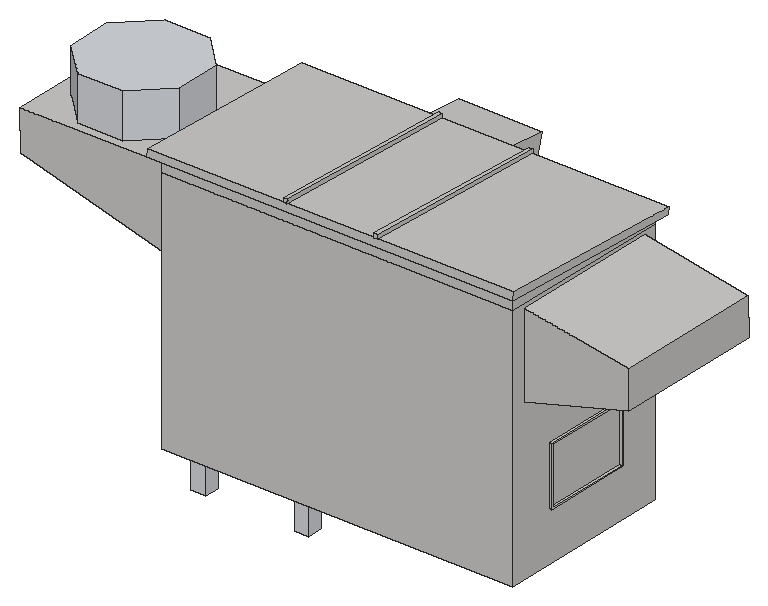
Revit family "DN2_2.0_RT_EC_1FP", category Mechanical Equipment, Revit 2019
Family settings
  Round Connector Dimension = Use Diameter
  Part Type = Normal
  OmniClass Number = 23.75.00.00
  OmniClass Title = Climate Control (HVAC)
  Work Plane-Based = No
  Always vertical = Yes
  Cut with Voids When Loaded = No
  Shared = No
  Room Calculation Point = No
Parameters (values of type "2 @ 3HP ea. 575V")
  Voltage [instance] = "575V"
  Unit Weight Range (lbs) [instance] = "2450-3150 lbs."
  Refrigerant = "R410A"
  Number of Condenser Fans = "Qty. 1, EC motor, Direct drive"
  Nominal Capacity Range = "2T - 10T"
  Max. Shipping Weight (lbs) [instance] = "2450-3150 lbs."
  Unit Dimensions (L x W x H) [instance] = "164 7/8\" x 73 1/8\" x 76 3/4\""
  Shipping Dimensions (Lx W x H) [instance] = "164 7/8\" x 73 1/8\" x 76 3/4\""
  Unit [instance] = Renewaire - Galvanized Steel
  URL = "www.renewaire.com"
  Typical Airflow Range = "375-1,650 CFM"
  Standard Features [instance] = "EC Motors for both airstreams, Direct drive backward inclined plenum, Higher ESP of up to 2\" w.g. at 1,500 CFM, Integrated programmable controls, True 100% face and bypass enthalpy based modulating economizer, Class 1 low leakage motorized isolation dampers, Stainless steel double-sloped drain pan with cooling option, 1\" Double wall foam injected 20 gauge galvanized panel construction with R6.5 insulation"
  Service Area Visibility [instance] = yes
  Service Area Box [instance] = Renewaire - Interference
  Revit Object Download Link [instance] = ""
  Phase [instance] = "Three"
  Options [instance] = "DX, heat pump, or chilled water cooling coil, Modulating hot gas reheat, Steam or hot water coil, Onboard variable frequency drives (VFDs) - both airstreams, Fused disconnect, Spring isolators (VFDs only), 2\" Double wall foam injected 20 gauge galvanized panel construction with R13 insulation, Exterior paint - grey, white, custom color, Salt spray - 2500 hours, BACNET factory activation, GFCI convenience outlet, Recirculation damper, Drain overflow switch, Mist Eliminator, Electrofin coating for coils"
  Number Motors [instance] = "Qty. 2, Direct drive motorized impeller packages"
  Model = "DN-2RT-1FP-EC"
  Manufacturer = "Renewaire LLC"
  Inlets/Outlets [instance] = "OA & RA Inlets: 24\" x 16\", SA Outlet: 24\" x 16\", EA Outlet: 20\" x 16\""
  Frequency [instance] = "50/60 Hz"
  Filters [instance] = "Total qty. 4, MERV 8: 16\" x 20\" x 2\""
  Features (default) = "BLDC Variable Speed Compressor, Integrated Refrigeration Controller, Electronic Expansion Valve, Filter Drier, Sight Glass"
  Energy Recovery Type [instance] = "Static plate total energy transfer"
  Description = "Energy Recovery Ventilator"
  Available Options = "Fixed Speed Compressor, Suction Accumlator w/HGRH, Modulating 3-way Valve w/HGRH"
  Accessories [instance] = "Filters - MERV 13, 2\"  and 4\" (shipped loose), MERV 14, 2\" and 4\" (shipped loose), Additional filters available upon request, Roof curb - standard 14\", Hurricane or seismic rated curbs, Curb clip kit, Carbon dioxide sensor/control - wall mount (CO2-W), duct mount (CO2-D), IAQ sensor - wall mount (IAQ-W), duct mount (IAQ-D), Motion occupancy sensor/control - ceiling mount (MC-C), wall mount (MC-W), Smoke detector, Room temperature and humidity sensor, Duct static pressure sensor with display to 10\", without display 0-2\", Room pressure sensor with display to 1\", without display 0-1\", Waterless trap negative pressure, waterless trap positive pressure, Remote display"
  AHRI 1060 Certified Core [instance] = "One L-62-G5 and one L-125-G5"
Types (7): name | Voltage | Phase
  (no name) | "575V" | "Three"
  2 @ 1.35 kW ea. | "200-277 V" | "Single"
  2 @ 2.70 kW ea. | "200-240 V" | "Three"
  2 @ 3.70 kW ea. | "380-480 V" | "Three"
  2 @ 3HP ea. 208-230V | "208-230 V" | "Three"
  2 @ 3HP ea. 460V | "460V" | "Three"
  2 @ 3HP ea. 575V | "575V" | "Three"
Reference planes (in)
  plane 1 "Center (Front/Back)": y = 0
  plane 2: z = 0
  plane 3 "Center (Left/Right)": x = 0
  plane 4: y = -24
  plane 5: x = -35.375
Forms (in)
  Extrusion 1, solid, material "Renewaire - Galvanized Steel" <- "Unit"
    sketch origin (0, 0, 0) x (1, 0, 0) y (0, 1, 0)
      loop
        line (-35.375, 23.99995) -> (-35.375, -24) -> (60, -24) -> (60, 23.99995) -> (-35.375, 23.99995)
    from 0 to 66.875
  Extrusion 2, void
    sketch origin (-0.65477, 0, 0) x (1, 0, 0) y (0, 1, 0)
      loop
        line (-33.22023, 21.99995) -> (-33.22023, -22) -> (57.89381, -22) -> (57.89381, 21.99995) -> (-33.22023, 21.99995)
    from 0 to 8
  Extrusion 3, void
    sketch origin (0, 0, 0) x (1, 0, 0) y (0, 1, 0)
      loop
        line (-29.3125, 19.93852) -> (-29.3125, -4.06148) -> (-13.31249, -4.06148) -> (-13.31249, 19.93852) -> (-29.3125, 19.93852)
      loop
        line (37.89381, 11.99993) -> (37.89381, -12.00007) -> (53.89381, -12.00007) -> (53.89381, 11.99993) -> (37.89381, 11.99993)
    from 7 to 8.125
  Extrusion 4, solid, material "Renewaire - Galvanized Steel" <- "Unit"
    sketch origin (0, 0, 2) x (0, 1, 0) y (0, 0, 1)
      loop
        line (18.60019, 30.89209) -> (-5.39982, 30.89209) -> (-5.39982, 14.89209) -> (18.60019, 14.89209) -> (18.60019, 30.89209)
      loop
        line (18.35019, 30.64209) -> (-5.14982, 30.64209) -> (-5.14982, 15.14209) -> (18.35019, 15.14209) -> (18.35019, 30.64209)
    from -35.375 to -36.875
  Extrusion 5, solid, material "Renewaire - Galvanized Steel" <- "Unit"
    sketch origin (0, 0, 2) x (0, 1, 0) y (0, 0, 1)
      loop
        line (-12.00006, 27.784) -> (-12.00006, 11.78399) -> (11.99994, 11.78399) -> (11.99994, 27.784) -> (-12.00006, 27.784)
      loop
        line (-11.75006, 27.534) -> (-11.75006, 12.03399) -> (11.74994, 12.03399) -> (11.74994, 27.534) -> (-11.75006, 27.534)
    from 60 to 61
  Extrusion 6, void
    sketch origin (0, -2.28422, 0) x (1, 0, 0) y (0, 1, 0)
      loop
        line (-76.54457, 73.34656) -> (-76.54457, -64) -> (88.33043, -64) -> (88.33043, 73.34656) -> (-76.54457, 73.34656)
    from 70.98996 to 0
  Extrusion 7, solid, material "Renewaire - Galvanized Steel" <- "Unit"
    sketch origin (0, 0, 0) x (0, 1, 0) y (0, 0, 1)
      loop
        line (23.99995, 65.37584) -> (23.99995, 47.19321) -> (33.39638, 47.19321) -> (43.03161, 56.49784) -> (44.92004, 63.54557) -> (23.99995, 65.37584)
    from 12.5814 to -9.96261
  Extrusion 8, solid, material "Renewaire - Galvanized Steel" <- "Unit"
    sketch origin (0, 0, 0) x (1, 0, 0) y (0, 0, 1)
      loop
        line (60, 66.14512) -> (60, 43.33282) -> (88.33043, 51.0176) -> (88.33043, 61.14971) -> (60, 66.14512)
    from 20.33014 to -20.26562
  Extrusion 9, solid, material "Renewaire - Galvanized Steel" <- "Unit"
    sketch origin (0, 0, 0) x (0, 1, 0) y (0, 0, 1)
      loop
        line (23.99995, 69.02245) -> (-24, 71.17151) -> (-24, 66.875) -> (23.99995, 66.875) -> (23.99995, 69.02245)
    from 60 to -35.375
  Extrusion 10, solid, material "Renewaire - Galvanized Steel" <- "Unit"
    sketch origin (0, 0, 0) x (0, 1, 0) y (0, 0, 1)
      loop
        line (26.25341, 70.90076) -> (-26.19982, 73.11627) -> (-26.28422, 71.11805) -> (26.16901, 68.90254) -> (26.25341, 70.90076)
    from 61.85788 to -37.375
  Extrusion 11, solid, material "Renewaire - Galvanized Steel" <- "Unit"
    sketch origin (0, 0, 0) x (0, 1, 0) y (0, 0, 1)
      loop
        line (26.25341, 70.90076) -> (26.29557, 71.89898) -> (-26.15766, 74.11449) -> (-26.19982, 73.11627) -> (26.25341, 70.90076)
    from 0.5 to -0.5
  Extrusion 12, solid, material "Renewaire - Galvanized Steel" <- "Unit"
    sketch origin (0, 0, 0) x (0, 1, 0) y (0, 0, 1)
      loop
        line (26.25341, 70.90076) -> (26.29557, 71.89898) -> (-26.15766, 74.11449) -> (-26.19982, 73.11627) -> (26.25341, 70.90076)
    from 24 to 25
  Extrusion 13, solid, material "Renewaire - Galvanized Steel" <- "Unit"
    sketch origin (27.47576, 0, 0.59067) x (-1, 0, 0) y (0, 0, -1)
      loop
        line (62.85076, -66.11208) -> (104.02033, -66.11208) -> (104.02033, -55.27357) -> (62.85076, -44.1061) -> (62.85076, -66.11208)
    from 20.33014 to -20.26562
  Extrusion 14, solid
    sketch origin (96.01743, -60.68372, 95.75486) x (0.999048, 0.043619, 0) y (-0.043619, 0.999048, 0)
      loop
        line (-143.41504, 78.57827) -> (-155.64926, 79.11243) -> (-164.67786, 70.83924) -> (-165.21202, 58.60502) -> (-156.93883, 49.57642) -> (-144.70461, 49.04226) -> (-135.67601, 57.31545) -> (-135.14185, 69.54967) -> (-143.41504, 78.57827)
    from -16.98996 to -29.05211
  Extrusion 15, void
    sketch origin (-129.70246, 0.38782, 78.7649) x (1, 0, 0) y (0, 1, 0)
      loop
        line (53.15789, 19.87781) -> (53.15789, -20.98358) -> (94.27682, -20.98358) -> (94.27682, 19.87781) -> (53.15789, 19.87781)
    from 48 to 0
  Extrusion 16, solid
    sketch origin (0, 0, 0) x (1, 0, 0) y (0, 1, 0)
      loop
        line (-28.875, -22) -> (-24.875, -22) -> (-24.875, -18) -> (-28.875, -18) -> (-28.875, -22)
      loop
        line (-0.875, -22) -> (3.125, -22) -> (3.125, -18) -> (-0.875, -18) -> (-0.875, -22)
    from 0 to -8.68825
  Extrusion 17, solid
    sketch origin (11.52912, 1.68227, 68.69678) x (1, 0, 0) y (0, 1, 0)
      loop
        line (-48.37017, -17.68227) -> (-48.37017, -21.18227) -> (-46.87017, -21.18227) -> (-46.87017, -17.68227) -> (-48.37017, -17.68227)
    from -24 to -29
Cuts and joins
  Extrusion 2, Extrusion 3, Extrusion 15 cuts Extrusion 1
  Extrusion 15 cuts Extrusion 4
  Extrusion 15 cuts Extrusion 5
  Extrusion 15 cuts Extrusion 7
  Extrusion 15 cuts Extrusion 8
  Extrusion 15 cuts Extrusion 9
  Extrusion 15 cuts Extrusion 10
  Extrusion 15 cuts Extrusion 11
  Extrusion 15 cuts Extrusion 12
  Extrusion 15 cuts Extrusion 13
  Extrusion 15 cuts Extrusion 14
Dimensions and locks (in)
  aligned and locked: level to plane 2
Connectors (in)
  hvac at (61, -0.00006, 21.784)
    settings: on Extrusion 5, index 2, duct flow 0 CFM, flow factor 0, pres drop 0.00 in-wg, loss coef 0, conn angle 0.00°, conn width 24", conn height 16", conn diameter 24", duct sys type 2, conn prof type 1, flow config 0, flow direction 1, loss method 0, conn ref index -1, conn util no, is conn primary yes, conn desc "Return Air (RA)"
  hvac at (-36.875, 6.60018, 24.89209)
    settings: on Extrusion 4, index 6, duct flow 0 CFM, flow factor 0, pres drop 0.00 in-wg, loss coef 0, conn angle 0.00°, conn width 24", conn height 16", conn diameter 24", duct sys type 1, conn prof type 1, flow config 0, flow direction 2, loss method 0, conn ref index -1, conn util no, is conn primary no, conn desc "Supply Air (SA)"
  hvac at (-21.3125, 7.93852, 8.125)
    settings: on cut or joined group of Extrusion 1, Extrusion 2, Extrusion 3, Extrusion 15, index 7, duct flow 0 CFM, flow factor 0, pres drop 0.00 in-wg, loss coef 0, conn angle 0.00°, conn width 24", conn height 16", conn diameter 24", duct sys type 1, conn prof type 1, flow config 0, flow direction 2, loss method 0, conn ref index -1, conn util no, is conn primary no, conn desc "Supply Air (SA)"
  hvac at (45.89381, -0.00007, 8)
    settings: on cut or joined group of Extrusion 1, Extrusion 2, Extrusion 3, Extrusion 15, index 8, duct flow 0 CFM, flow factor 0, pres drop 0.00 in-wg, loss coef 0, conn angle 0.00°, conn width 24", conn height 16", conn diameter 24", duct sys type 2, conn prof type 1, flow config 0, flow direction 1, loss method 0, conn ref index -1, conn util no, is conn primary no, conn desc "Return Air (RA)"
  piping at (1.125, -20, -8.68825), diameter 4
    settings: on Extrusion 16, index 9, connector inside diameter 24", connector length 0' - 0", flow factor 0, pipe flow 0 GPM, pressure drop 0.00 psi, fitting loss kfactor 0, connector angle 0.00°, fixture units 0, engagement length 0' - 0", angle of deflection 0.00°, flow configuration 0, flow direction 0, fitting loss method 0, system type 22, joint type 0, gender type 0, connector reference index -1, connector utility 0, adjustable connector no, is connector primary yes, connector description "1' NPT DRAIN FAN AFTER-DX"
  piping at (-26.875, -20, -8.68825), diameter 4
    settings: on Extrusion 16, index 10, connector inside diameter 24", connector length 0' - 0", flow factor 0, pipe flow 0 GPM, pressure drop 0.00 psi, fitting loss kfactor 0, connector angle 0.00°, fixture units 0, engagement length 0' - 0", angle of deflection 0.00°, flow configuration 0, flow direction 0, fitting loss method 0, system type 22, joint type 0, gender type 0, connector reference index -1, connector utility 0, adjustable connector no, is connector primary no, connector description "1\" NPT DRAIN FAN BEFORE-DX"
  electrical at (-36.84106, -17.75, 42.19678)
    settings: on Extrusion 17, index 11, voltage 0 V, apparent load 0 VA, apparent load phase1 0 VA, apparent load phase2 0 VA, apparent load phase3 0 VA, power factor 1, load classification "Other", number of poles 1, system type 30, power factor state 1, is connector primary yes, connector utility no, sub classification motor no, connector description ""
